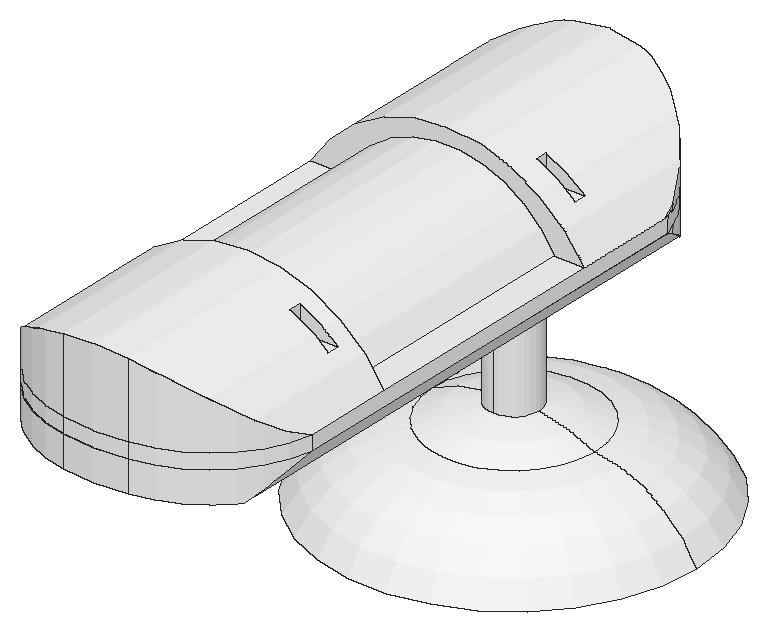
Revit family "LO", category Communication Devices, host Face, Revit 2021
Family settings
  Host = Face
  Maintain Annotation Orientation = No
  Round Connector Dimension = Use Diameter
  Part Type = Normal
  OmniClass Number = 23.85.80.11.27
  OmniClass Title = Lighting Controls
  Cut with Voids When Loaded = No
  Shared = Yes
  Room Calculation Point = No
Parameters
  Warranty = "5-Years Warranty"  # constant formula
  Type Comments = "LightOWL® Passive Infrared Wall Mount Sensor"  # constant formula
  Product Page URL = ""
  Product Documentation Link = ""
  URL = "https://www.currentlighting.com/nxlightingcontrols"
  Power Requirements = "24VDC, 33 mA (uses UVPP and MP-Series\r\npower pack—not included)\r"  # constant formula
  Model = "LightOWL® Passive Infrared Wall Mount Sensor"  # constant formula
  Manufacturer = " NX Lighting Controls"  # constant formula
  Sensing Element = Metal-Nickel
  Feartures = "IntelliDAPT self-adaptive technology; no manual adjustment required\r\nAll-digital passive infrared (PIR) sensor\r\nNon-volatile memory for sensor settings\r\n50’ @ 30’ height coverage area\r\nOptional relay and photocell control\r\nOptional Quick to Install (QTI) connector\r\nUL and cUL listed\r\n5-year warranty"  # constant formula
  Description = "The LOIR sensor uses passive infrared (PIR) technology to turn lighting on and off based on occupancy. Designed specifically for areas with long-range major-motion activity, this sensor features  Control Solutions' patented IntelliDAPT technology, which makes all the sensor adjustments automatically. Throughout the product's lifespan, smart software analyzes the controlled area and makes digital adjustments to sensitivity and timer settings. Occupancy sensors with IntelliDAPT provide a maintenance-free Install and Forget operation."  # constant formula
  Default Elevation = 48.00"
  Copyright = "Copyright © NX Lighting Controls"  # constant formula
  Contact Us = ""
  Housing Material = Paint -  Matte White
  Certifications = "UL and cUL listed"
  Assembly Code = "D5090"
Reference planes (in)
  plane 1 "Center (Front/Back)": y = 11.68155
  plane 2: z = 0
  plane 3 "Center (Left/Right)": x = 0
  plane 4: x = -1.41
  plane 5: x = 1.41
  plane 6: y = 13.09155
  plane 7: y = 10.27155
  plane 8: z = 3.72
  plane 9: through (0.87749, -180, 1.95871) normal (0.7071, 0, 0.7071)
Forms (in)
  Revolve 1, solid, material "Paint -  Matte White" <- "Housing Material"
    sketch origin (0, 11.68155, 0) x (1, 0, 0) y (0, 0, 1)
      loop
        line (0, 0) -> (1.82999, 0)
        arc (1.82999, 0) -> (1.40849, 0.4728) -> (0.81222, 0.68649) r 1.28372
        arc (0.81222, 0.68649) -> (0.41744, 0.82505) -> (0, 0.85337) r 1.55552
        line (0, 0.85337) -> (0, 0)
      axis (0, 0.85337) -> (0, 0)
    angle from 0 to 360
  Sweep 2, solid, material "Paint -  Matte White" <- "Housing Material"
    path origin (0, 0, 0) x (0, 1, 0) y (0, 0, 1)
      loop
        line (11.68155, 0.85427) -> (11.68155, 1.68006) -> (12.02357, 2.61976)
    profile origin (0, 11.68155, 1.26717) x (0, -1, 0) y (1, 0, 0)
      loop
        circle (0, 0) r 0.25
Dimensions and locks (in)
  plane 4 to plane 5 = 2.82"
  plane 7 to plane 6 = 2.82"
  equal spacing: plane 7, plane 1 "Center (Front/Back)", plane 6
  plane 5 to plane 4 = 2.82"
  plane 8 to plane 2 = 3.72"
  aligned and locked: plane 2 to host face
  aligned and locked: level to host face
  aligned and locked: Revolve 1 sketch curve to plane 3 "Center (Left/Right)"
Automatic sketch dimensions
  host sketch curve to host sketch curve = 96.00"  (x2)
  Revolve 1 sketch curve to level = 0.00"
  plane 3 "Center (Left/Right)" to Revolve 1 sketch curve = 0.00"
  plane 3 "Center (Left/Right)" to Revolve 1 sketch curve = 0.10439"
  Revolve 1 sketch curve to Revolve 1 sketch curve = 0.58626"
  Revolve 1 sketch curve to level = 0.59145"
  Revolve 1 sketch curve to Revolve 1 sketch curve = 0.10719"
  Revolve 1 sketch curve to plane 5 = 0.59778"
  plane 5 to Revolve 1 sketch curve = 0.41999"
  Revolve 1 sketch curve to Revolve 1 sketch curve = 23.30136"
  Revolve 1 sketch curve to plane 8 = 54.31668"
  Sweep 2 sketch curve to plane 1 "Center (Front/Back)" = 0.00"
  level to Sweep 2 sketch curve = 0.85427"
  Sweep 2 sketch curve to plane 1 "Center (Front/Back)" = 0.34202"
  Sweep 2 sketch curve to Sweep 2 sketch curve = 0.82579"
  Sweep 2 sketch curve to Sweep 2 sketch curve = 0.93969"
  Sweep 2 sketch curve to plane 3 "Center (Left/Right)" = 0.00"
  Sweep 2 sketch curve to profile plane = 0.00"
  radius of Sweep 2 sketch curve = 0.25"
Nested families (in)
  nested 1: "Family1" at (0, 9.63972, 2.80957), type "Family1"
Connectors (in)
  electrical at (0, 11.68155, 0)
    settings: on Revolve 1, index 1, voltage 0 V, apparent load 0 VA, apparent load phase1 0 VA, apparent load phase2 0 VA, apparent load phase3 0 VA, power factor 1, load classification "Other", number of poles 1, system type 13, power factor state 1, is connector primary yes, connector utility no, sub classification motor no, connector description "Sensor"
Definition of nested family "Family1"
  Parameters
    housing = none
    Sensing material = none
    Height = 5.48"
    Default Elevation = 0.00"
  Reference planes (in)
    plane 1 "Center (Front/Back)": y = 0
    plane 2: z = 0
    plane 3 "Center (Left/Right)": x = 0
    plane 4: x = -1.365
    plane 5: x = 1.365
    plane 6: y = 2.74
    plane 7: y = -2.74
    plane 8: z = 0.93
    plane 9: z = -0.93
    plane 10: y = 3.26
    plane 11: y = -3.26
  Forms (in)
    Sweep 1, solid, material <- "housing"
      path origin (0, 0, 0) x (1, 0, 0) y (0, 1, 0)
        loop
          line (0, 3.3128) -> (0, -3.23467)
      profile origin (0, 0.03906, 0) x (1, 0, 0) y (0, 0, 1)
        loop
          line (-1.365, 0.075) -> (1.365, 0.075)
          arc (1.365, 0.075) -> (0, 0.8515) -> (-1.365, 0.075) r 1.58801
    Extrusion 2, void
      sketch origin (0, 0, 0) x (1, 0, 0) y (0, 1, 0)
        loop
          line (-1.365, -2.17044) -> (-1.365, -3.26592) -> (1.365, -3.26592) -> (1.365, -2.17044)
          arc (1.365, -2.17044) -> (1.00674, -2.83506) -> (0.32626, -3.16217) r 1.22166
          arc (0.32626, -3.16217) -> (0, -3.1881) -> (-0.32626, -3.16217) r 2.06591
          arc (-0.32626, -3.16217) -> (-1.00674, -2.83506) -> (-1.365, -2.17044) r 1.22166
        loop
          line (-1.37645, 3.3128) -> (-1.37645, 2.26389)
          arc (-1.37645, 2.26389) -> (-0.00573, 3.26001) -> (1.365, 2.26389) r 1.44117
          line (1.365, 2.26389) -> (1.365, 3.3128) -> (-1.37645, 3.3128)
      from -0.93 to 0.93
    Sweep 3, solid, material <- "housing"
      path origin (0, 0, 0.075) x (0, -1, 0) y (1, 0, 0)
        loop
          line (-3.26, 0) -> (3.26592, 0)
      profile origin (0, -0.00296, 0.075) x (1, 0, 0) y (0, 0, 1)
        loop
          arc (-1.365, -0.15) -> (0, -0.9265) -> (1.365, -0.15) r 1.58801
          line (1.365, -0.15) -> (-1.365, -0.15)
    Extrusion 4, void
      sketch origin (0, 0, 0) x (0, -1, 0) y (1, 0, 0)
        loop
          line (2.24827, -1.365) -> (3.3125, -1.365) -> (3.3125, 1.365) -> (2.24827, 1.365)
          arc (2.24827, 1.365) -> (2.91289, 1.00674) -> (3.24, 0.32626) r 1.22166
          arc (3.24, 0.32626) -> (3.26592, 0) -> (3.24, -0.32626) r 2.06591
          arc (3.24, -0.32626) -> (2.91289, -1.00674) -> (2.24827, -1.365) r 1.22166
        loop
          arc (-2.21702, -1.365) -> (-2.88164, -1.00674) -> (-3.20875, -0.32626) r 1.22166
          arc (-3.20875, -0.32626) -> (-3.23467, 0) -> (-3.20875, 0.32626) r 2.06591
          arc (-3.20875, 0.32626) -> (-2.88164, 1.00674) -> (-2.21702, 1.365) r 1.22166
          line (-2.21702, 1.365) -> (-3.46875, 1.365) -> (-3.46875, -1.365) -> (-2.21702, -1.365)
      from -1.03321 to 2.51239
    Sweep 5, void
      path origin (0, 0.21875, 0) x (1, 0, 0) y (0, 1, 0)
        loop
          line (0, 1) -> (0, -1.5)
      profile origin (0, -0.03125, 0) x (1, 0, 0) y (0, 0, 1)
        loop
          line (-1.365, 0.075) -> (-1.06382, 0.075)
          arc (-1.06382, 0.075) -> (0, 0.69868) -> (1.06382, 0.075) r 1.21913
          line (1.06382, 0.075) -> (1.365, 0.075)
          arc (1.365, 0.075) -> (0, 0.8515) -> (-1.365, 0.075) r 1.58801
    Extrusion 6, void
      sketch origin (0, 0, 0) x (0, 1, 0) y (0, 0, 1)
        loop
          arc (0.27944, -0.93) -> (0.14952, -0.54931) -> (-0.21875, -0.3875) r 0.5
          line (-0.21875, -0.3875) -> (-3.39092, -0.3875) -> (-3.39092, -0.93) -> (0.27944, -0.93)
      from -2.72838 to 2.18587
    Extrusion 7, solid, material <- "housing"
      sketch origin (0, 0, 0) x (1, 0, 0) y (0, 1, 0)
        loop
          line (-1.365, 2.29773) -> (-1.365, -2.17044)
          arc (-1.365, -2.17044) -> (-1.00674, -2.83506) -> (-0.32626, -3.16217) r 1.22166
          arc (-0.32626, -3.16217) -> (0, -3.1881) -> (0.32626, -3.16217) r 2.06591
          arc (0.32626, -3.16217) -> (1.00674, -2.83506) -> (1.365, -2.17044) r 1.22166
          line (1.365, -2.17044) -> (1.365, 2.26389)
          arc (1.365, 2.26389) -> (0.01214, 3.2599) -> (-1.365, 2.29773) r 1.44117
      from -0.075 to 0.075
    Extrusion 8, void
      sketch origin (0, 0, 0) x (1, 0, 0) y (0, 1, 0)
        loop
          line (0.68, 1.47775) -> (1.18, 1.47775) -> (1.18, 1.59833) -> (0.68, 1.59833) -> (0.68, 1.47775)
        loop
          line (0.68, -1.47775) -> (0.68, -1.59833) -> (1.18, -1.59833) -> (1.18, -1.47775) -> (0.68, -1.47775)
      from 0.44481 to 0.97045
  Cuts and joins
    Extrusion 2, Extrusion 4, Sweep 5, Extrusion 8 cuts Sweep 1
    Extrusion 8 cuts Extrusion 7
    joined: Sweep 1, Extrusion 7
    Extrusion 2, Extrusion 4, Extrusion 6 cuts Sweep 3
  Dimensions and locks (in)
    "Height": plane 7 to plane 6
    plane 4 to plane 5 = 2.73"
    equal spacing: plane 7, plane 1 "Center (Front/Back)", plane 6
    aligned and locked: plane 2 to level
    aligned and locked: Extrusion 2 to plane 9
    aligned and locked: plane 8 to Extrusion 2
  Automatic sketch dimensions
    profile plane to Sweep 1 sketch curve = 0.00"
    level to Sweep 1 sketch curve = 0.075"
    profile plane to Sweep 1 sketch curve = 1.365"
    Sweep 1 sketch curve to level = 0.7365"
    profile plane to Sweep 3 sketch curve = 0.00"
    Sweep 3 sketch curve to profile plane = 0.15"
    profile plane to Sweep 3 sketch curve = 1.365"
    profile plane to Sweep 3 sketch curve = 0.6615"
    Extrusion 4 sketch curve to plane 4 = 0.00"  (x2)
    Extrusion 4 sketch curve to plane 5 = 0.00"  (x2)
    Extrusion 4 sketch curve to plane 3 "Center (Left/Right)" = 0.00"  (x2)
    plane 7 to Extrusion 4 sketch curve = 0.50"  (x2)
    Extrusion 4 sketch curve to plane 7 = 0.49173"  (x2)
    plane 3 "Center (Left/Right)" to Extrusion 4 sketch curve = 0.16313"  (x2)
    Extrusion 4 sketch curve to Extrusion 4 sketch curve = 1.21072"
    Extrusion 4 sketch curve to plane 3 "Center (Left/Right)" = 0.16313"  (x2)
    plane 1 "Center (Front/Back)" to Extrusion 4 sketch curve = 1.20001"
    Extrusion 4 sketch curve to plane 1 "Center (Front/Back)" = 1.16876"
    Extrusion 4 sketch curve to Extrusion 4 sketch curve = 0.82927"
    Extrusion 4 sketch curve to Extrusion 4 sketch curve = 0.00"
    plane 6 to Extrusion 4 sketch curve = 0.52298"
    Extrusion 4 sketch curve to Extrusion 4 sketch curve = 0.21899"
    Extrusion 4 sketch curve to plane 6 = 0.72875"
    plane 7 to Extrusion 4 sketch curve = 0.5725"
    Extrusion 4 sketch curve to plane 6 = 0.46875"
    Sweep 5 sketch curve to plane 3 "Center (Left/Right)" = 0.00"
    plane 1 "Center (Front/Back)" to Sweep 5 sketch curve = 1.28125"
    Sweep 5 sketch curve to plane 1 "Center (Front/Back)" = 1.21875"
    profile plane to Sweep 5 sketch curve = 0.00"  (x2)
    level to Sweep 5 sketch curve = 0.075"  (x2)
    profile plane to Sweep 5 sketch curve = 1.06382"
    Sweep 5 sketch curve to Sweep 5 sketch curve = 0.30118"
    Sweep 5 sketch curve to level = 0.52045"
    Sweep 5 sketch curve to Sweep 5 sketch curve = 0.21606"
    Extrusion 6 sketch curve to plane 9 = 0.00"
    plane 7 to Extrusion 6 sketch curve = 0.65092"
    plane 1 "Center (Front/Back)" to Extrusion 6 sketch curve = 0.21875"
    Extrusion 6 sketch curve to plane 1 "Center (Front/Back)" = 0.27944"
    plane 9 to Extrusion 6 sketch curve = 0.0425"
    Sweep 1 sketch curve to plane 3 "Center (Left/Right)" = 0.00"
    Sweep 1 sketch curve to plane 11 = 0.02533"
    Sweep 1 sketch curve to plane 10 = 0.0528"
    Extrusion 2 sketch curve to plane 4 = 0.00"
    Extrusion 2 sketch curve to plane 3 "Center (Left/Right)" = 0.00"
    Extrusion 2 sketch curve to plane 5 = 0.00"  (x2)
    Extrusion 2 sketch curve to plane 4 = 0.01145"
    Extrusion 2 sketch curve to plane 3 "Center (Left/Right)" = 0.16313"
    Extrusion 2 sketch curve to plane 3 "Center (Left/Right)" = 0.00573"
    plane 3 "Center (Left/Right)" to Extrusion 2 sketch curve = 0.16313"
    plane 11 to Extrusion 2 sketch curve = 0.00592"
    Extrusion 2 sketch curve to plane 7 = 0.56956"  (x2)
    Extrusion 2 sketch curve to plane 7 = 0.78855"
    Extrusion 2 sketch curve to Extrusion 2 sketch curve = 0.00"
    Extrusion 2 sketch curve to Extrusion 2 sketch curve = 0.82927"
    plane 6 to Extrusion 2 sketch curve = 0.92115"
    Extrusion 2 sketch curve to plane 10 = 0.0528"
    Extrusion 2 sketch curve to plane 11 = 0.09783"
    plane 6 to Extrusion 2 sketch curve = 0.47611"
    Sweep 3 sketch curve to plane 3 "Center (Left/Right)" = 0.00"
    plane 10 to Sweep 3 sketch curve = 0.00"
    plane 11 to Sweep 3 sketch curve = 0.00592"
    Extrusion 7 sketch curve to plane 3 "Center (Left/Right)" = 0.00"
    Extrusion 7 sketch curve to plane 3 "Center (Left/Right)" = 0.16313"
    Extrusion 7 sketch curve to plane 3 "Center (Left/Right)" = 0.00573"
    Extrusion 7 sketch curve to plane 7 = 0.78855"
    Extrusion 7 sketch curve to Extrusion 7 sketch curve = 0.82927"
    plane 6 to Extrusion 7 sketch curve = 0.92115"
    plane 4 to Extrusion 7 sketch curve = 0.00"
    Extrusion 7 sketch curve to plane 11 = 0.09783"  (x2)
    Extrusion 7 sketch curve to plane 3 "Center (Left/Right)" = 0.32626"
    Extrusion 7 sketch curve to plane 5 = 0.00"
    plane 6 to Extrusion 7 sketch curve = 0.47611"
    plane 3 "Center (Left/Right)" to Extrusion 7 sketch curve = 0.16313"
    Extrusion 7 sketch curve to Extrusion 7 sketch curve = 0.00"
    Extrusion 8 sketch curve to plane 5 = 0.685"  (x2)
    Extrusion 8 sketch curve to plane 5 = 0.185"  (x2)
    Extrusion 8 sketch curve to plane 7 = 1.14167"
    Extrusion 8 sketch curve to Extrusion 8 sketch curve = 0.12058"  (x2)
    plane 6 to Extrusion 8 sketch curve = 1.26225"
